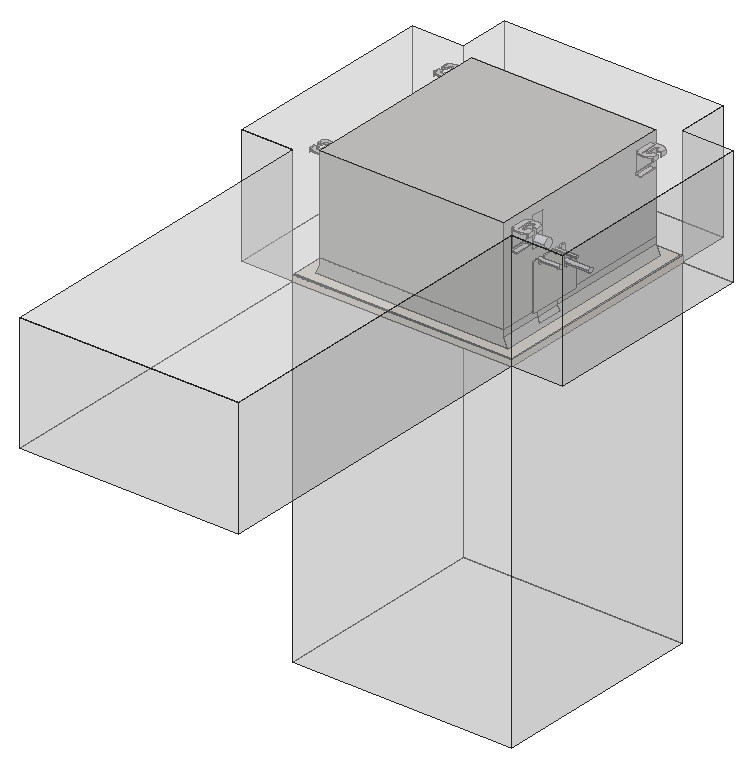
Revit family "outputfile", category 機械設備, Revit 2024 (continued)
Definition of nested family "daikin_connector_rotate2"
  Automatic sketch dimensions
    Extrusion 1 sketch curve to level = 0.0 mm
    Extrusion 1 sketch curve to plane 3 "Center (Left/Right)" = 0.0 mm
    radius of curve 2 = 5.0 mm
Definition of nested family "daikin_mountinghole"
  Parameters (values of type "daikin_mountinghole")
    Default Elevation = 1219.2 mm
    Type Comments = "mountinghole"
    show [instance] = yes
    material = none
    l_centerline = 100.0 mm
    l_antenna [instance] = 100.0 mm
    h_mountinghole [instance] = 0.0 mm
    d_circle = 30.0 mm
    Link_Nested Family [instance] = ""
  Reference planes
    plane 1 "Center (Front/Back)": y = 0
    plane 2: z = 0
    plane 3 "Center (Left/Right)": x = 0
    plane 4: y = 50
    plane 5: x = -50
    plane 6: x = 50
    plane 7: y = -50
    plane 8 "h_mountinghole": z = 0
    plane 9: z = 100
  Lines and regions (mm)
    model lines, detail levels fine
      curve 1: circle (0, 0, 0) r 15 normal (0, 0, 1)
      curve 2: line (-50, 0, 0) -> (50, 0, 0)
      curve 3: line (0, 50, 0) -> (0, -50, 0)
    symbolic lines, detail levels fine
      curve 4: circle (0, 0, 0) r 15 normal (0, 0, 1)
      curve 5: line (-50, 0, 0) -> (50, 0, 0)
      curve 6: line (0, 50, 0) -> (0, -50, 0)
    model lines
      curve 7: line (0, 0, 100) -> (0, 0, 0)
  Dimensions and locks
    equal spacing: plane 4, plane 1 "Center (Front/Back)", plane 7
    "l_centerline": plane 4 to plane 7
    equal spacing: plane 5, plane 3 "Center (Left/Right)", plane 6
    "l_centerline": plane 5 to plane 6
    "l_antenna": plane 9 to plane 8 "h_mountinghole"
    "h_mountinghole": plane 8 "h_mountinghole" to plane 2
    "d_circle": diameter of curve 1
    "d_circle": diameter of curve 4
    aligned and locked: level to plane 2
    aligned and locked: plane 1 "Center (Front/Back)" to curve 1
    aligned and locked: plane 3 "Center (Left/Right)" to curve 1
    aligned and locked: plane 1 "Center (Front/Back)" to curve 2
    aligned and locked: curve 3 to plane 3 "Center (Left/Right)"
    aligned and locked: plane 6 to curve 2
    aligned and locked: plane 5 to curve 2
    aligned and locked: plane 4 to curve 3
    aligned and locked: plane 7 to curve 3
    aligned and locked: plane 1 "Center (Front/Back)" to curve 4
    aligned and locked: plane 3 "Center (Left/Right)" to curve 4
    aligned and locked: plane 6 to curve 5
    aligned and locked: plane 5 to curve 5
    aligned and locked: plane 1 "Center (Front/Back)" to curve 5
    aligned and locked: plane 4 to curve 6
    aligned and locked: plane 7 to curve 6
    aligned and locked: curve 6 to plane 3 "Center (Left/Right)"
    aligned and locked: curve 7 to plane 3 "Center (Left/Right)"
    aligned and locked: plane 9 to curve 7
    aligned and locked: plane 8 "h_mountinghole" to curve 7
